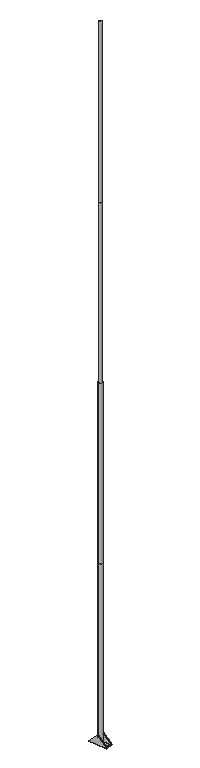
Revit family "FA_МолниеотводТелескопическийКомплектДляКрыши_СМТПк_EZETEK", category Системы пожарной сигнализации, Revit 2017
Family settings
  Сохранять ориентацию аннотаций = Нет
  Размер круглого соединителя = Использовать радиус
  Тип детали = Нормальный
  На основе рабочей плоскости = Нет
  Всегда вертикально = Да
  При загрузке вырезать с полостями = Нет
  Общий = Да
  Точка расчета площади = Нет
Parameters (values of type "МолниеотводТелескопическийКомплектДляКрыши_СМТПк-8/4/2_93119")
  Угол = 90.00°  # constant formula
  Секция_Высота = ADSK_Размер_Высота / Количество секций  # 2000 mm
  Секция 9 = no
  Секция 8 = no
  Секция 7 = no
  Секция 6 = no
  Секция 5 = no
  Секция 4 = yes
  Секция 3 = yes
  Секция 2 = yes
  Производитель_Контакты = "ezetek@ezetek.ru"  # constant formula
  Описание = "Молниеотвод стержневой телескопический, комплект для крыши серии СМТПк состоит из мачты секционной телескопической, дополненной комплектом растяжек и подпятником для твердых поверхностей. Мачта состоит из раздвижных секций. На верхней секции расположен молниеприемник 0,5м. Секции мачты выполнены на основе электросварных прямошовных труб, изготовленных из стали с защитным порошковым покрытием. Мачта монтируется как на плоской, так и на скатной поверхности."  # constant formula
  Количество секций = 4
  Использовать масштаб аннотаций [instance] = 1 = 0  # 0
  Изготовитель = "Ezetek"  # constant formula
  Диаметр_9 секция = 32 mm
  Диаметр_8 секция = 32 mm
  Диаметр_7 секция = 32 mm
  Диаметр_6 секция = 32 mm
  Диаметр_5 секция = 5 mm
  Диаметр_4 секция = 32 mm
  Диаметр_3 секция = 38.4 mm
  Диаметр_2 секция = 44.7 mm
  Диаметр_1 секция = 51 mm
  URL = "https://ezetek.ru/"
  ADSK_Этаж [instance] = ""
  ADSK_Размер_Высота = 8000 mm
  ADSK_Примечание [instance] = ""
  ADSK_Позиция [instance] = ""
  ADSK_Обозначение = "93119"
  ADSK_Наименование краткое [instance] = "Молниеотвод"
  ADSK_Наименование = "Молниеотвод СМТПк-8/4/2"
  ADSK_Материал = BIMLIB_Сталь_Нержавеющая_EZETEK
  ADSK_Масса_Текст = "25.0"
  ADSK_Масса = 25
  ADSK_Марка = "93119"
  ADSK_Количество = 1  # constant formula
  ADSK_Код изделия = "93119"
  ADSK_Завод-изготовитель = "Ezetek"  # constant formula
  ADSK_Единица измерения = "шт."  # constant formula
  ADSK_Группирование [instance] = ""
  ADSK_Версия Revit = "2017"  # constant formula
Types (7, lengths in mm): name | Секция_Высота | Секция 9 | Секция 8 | Секция 7 | Секция 6 | Секция 5 | Секция 4 | Количество секций | Диаметр_8 секция | Диаметр_7 секция | Диаметр_6 секция | Диаметр_5 секция | Диаметр_4 секция | Диаметр_3 секция | Диаметр_2 секция | Диаметр_1 секция | ADSK_Размер_Высота | ADSK_Обозначение | ADSK_Наименование | ADSK_Масса_Текст | ADSK_Масса | ADSK_Марка | ADSK_Код изделия
  МолниеотводТелескопическийКомплектДляКрыши_СМТПк-6.25/3/1_93118 | 2066.667 | no | no | no | no | no | no | 3 | 32 | 32 | 32 | 5 | 5 | 32 | 38.5 | 45 | 6200 | "93118" | "Молниеотвод СМТПк-6.25/3/1" | "18.0" | 18 | "93118" | "93118"
  МолниеотводТелескопическийКомплектДляКрыши_СМТПк-8/4/2_93119 | 2000 | no | no | no | no | no | yes | 4 | 32 | 32 | 32 | 5 | 32 | 38.4 | 44.7 | 51 | 8000 | "93119" | "Молниеотвод СМТПк-8/4/2" | "25.0" | 25 | "93119" | "93119"
  МолниеотводТелескопическийКомплектДляКрыши_СМТПк-10/5/2_93120 | 2000 | no | no | no | no | yes | yes | 5 | 32 | 32 | 32 | 32 | 38.3 | 44.5 | 50.8 | 57 | 10000 | "93120" | "Молниеотвод СМТПк-8/4/2" | "30.0" | 30 | "93120" | "93120"
  МолниеотводТелескопическийКомплектДляКрыши_СМТПк-11.75/6/3_93121 | 1950 | no | no | no | yes | yes | yes | 6 | 32 | 32 | 32 | 38.2 | 44.4 | 50.6 | 56.8 | 63 | 11700 | "93121" | "Молниеотвод СМТПк-11.75/6/3" | "40.0" | 40 | "93121" | "93121"
  МолниеотводТелескопическийКомплектДляКрыши_СМТПк-13.5/7/3_93122 | 1942.857 | no | no | yes | yes | yes | yes | 7 | 32 | 32 | 38.5 | 44.8 | 51.1 | 57.4 | 63.7 | 70 | 13600 | "93122" | "Молниеотвод СМТПк-13.5/7/3" | "45.0" | 45 | "93122" | "93122"
  МолниеотводТелескопическийКомплектДляКрыши_СМТПк-15.5/8/4_93123 | 1925 | no | yes | yes | yes | yes | yes | 8 | 32 | 38.2 | 44.5 | 50.8 | 57.1 | 63.4 | 69.7 | 76 | 15400 | "93123" | "Молниеотвод СМТПк-15.5/8/4" | "60.0" | 60 | "93123" | "93123"
  МолниеотводТелескопическийКомплектДляКрыши_СМТПк-25_93139 | 2777.778 | yes | yes | yes | yes | yes | yes | 9 | 37.9 | 44.2 | 50.5 | 56.8 | 63.1 | 69.4 | 75.7 | 82 | 25000 | "93139" | "Молниеотвод СМТПк-25" | "92.0" | 92 | "93139" | "93139"
Reference planes
  plane 1 "По центру (Вперед/Назад)": y = 0
  plane 2: z = 0
  plane 3 "По центру (Влево/Вправо)": x = 0
  plane 4: z = 2000
  plane 5: z = 4000
  plane 6: z = 6000
  plane 7: z = 8000
  plane 8: z = 10000
  plane 9: z = 12000
  plane 10: z = 14000
  plane 11: z = 16000
  plane 12: z = 18000
Forms (mm)
  Extrusion 1, solid, material "BIMLIB_Сталь_Нержавеющая_EZETEK" <- "ADSK_Материал", detail levels medium+fine
    sketch origin (0, 92.681, -35) x (0, 1, 0) y (-1, 0, 0)
      loop
        circle (-92.681, 0) r 25.5
    from 2035 to 35
  Extrusion 2, solid, material "BIMLIB_Сталь_Нержавеющая_EZETEK" <- "ADSK_Материал", visible <- "Секция 2", detail levels medium+fine
    sketch origin (0, 92.681, -35) x (0, 1, 0) y (-1, 0, 0)
      loop
        circle (-92.681, 0) r 22.35
    from 4035 to 2035
  Extrusion 3, solid, material "BIMLIB_Сталь_Нержавеющая_EZETEK" <- "ADSK_Материал", visible <- "Секция 3", detail levels medium+fine
    sketch origin (0, 92.681, -35) x (0, 1, 0) y (-1, 0, 0)
      loop
        circle (-92.681, 0) r 19.2
    from 6035 to 4035
  Extrusion 4, solid, material "BIMLIB_Сталь_Нержавеющая_EZETEK" <- "ADSK_Материал", visible <- "Секция 4", detail levels medium+fine
    sketch origin (0, 92.681, -35) x (0, 1, 0) y (-1, 0, 0)
      loop
        circle (-92.681, 0) r 16
    from 8035 to 6035
  Extrusion 5, solid, material "BIMLIB_Сталь_Нержавеющая_EZETEK" <- "ADSK_Материал", visible <- "Секция 5", detail levels medium+fine
    sketch origin (0, 92.681, 1965) x (0, 1, 0) y (-1, 0, 0)
      loop
        circle (-92.681, 0) r 2.5
    from 8035 to 6035
  Extrusion 6, solid, material "BIMLIB_Сталь_Нержавеющая_EZETEK" <- "ADSK_Материал", visible <- "Секция 6", detail levels medium+fine
    sketch origin (0, 92.681, 3915) x (0, 1, 0) y (-1, 0, 0)
      loop
        circle (-92.681, 0) r 16
    from 8085 to 6085
  Extrusion 7, solid, material "BIMLIB_Сталь_Нержавеющая_EZETEK" <- "ADSK_Материал", visible <- "Секция 7", detail levels medium+fine
    sketch origin (0, 92.681, 5915) x (0, 1, 0) y (-1, 0, 0)
      loop
        circle (-92.681, 0) r 16
    from 8085 to 6085
  Extrusion 8, solid, material "BIMLIB_Сталь_Нержавеющая_EZETEK" <- "ADSK_Материал", visible <- "Секция 8", detail levels medium+fine
    sketch origin (0, 92.681, 7840) x (0, 1, 0) y (-1, 0, 0)
      loop
        circle (-92.681, 0) r 16
    from 8160 to 6160
  Extrusion 9, solid, material "BIMLIB_Сталь_Нержавеющая_EZETEK" <- "ADSK_Материал", visible <- "Секция 9", detail levels medium+fine
    sketch origin (0, 92.681, 10617.778) x (0, 1, 0) y (-1, 0, 0)
      loop
        circle (-92.681, 0) r 16
    from 7382.222 to 5382.222
Lines and regions (mm)
  reference lines
    curve 1: circle (0, 0, 0) r 25.5 normal (0, 0, 1)
    curve 2: circle (0, 0, 0) r 16 normal (0, 0, 1)
    curve 3: circle (0, 0, 0) r 22.35 normal (0, 0, 1)
    curve 4: circle (0, 0, 0) r 19.2 normal (0, 0, 1)
Dimensions and locks
  "Секция_Высота": plane 4 to plane 2
  "Секция_Высота": plane 5 to plane 4
  "Секция_Высота": plane 6 to plane 5
  "Секция_Высота": plane 7 to plane 6
  plane 6 to plane 2 = 6000 mm
  plane 7 to plane 2 = 8000 mm
  plane 5 to plane 2 = 4000 mm
  "Секция_Высота": plane 8 to plane 7
  "Секция_Высота": plane 9 to plane 8
  "Секция_Высота": plane 10 to plane 9
  "Секция_Высота": plane 11 to plane 10
  "Секция_Высота": plane 12 to plane 11
  plane 8 to plane 2 = 10000 mm
  plane 9 to plane 2 = 12000 mm
  plane 10 to plane 2 = 14000 mm
  plane 11 to plane 2 = 16000 mm
  plane 12 to plane 2 = 18000 mm
  "Диаметр_4 секция": diameter of curve 2
  "Диаметр_3 секция": diameter of curve 4
  "Диаметр_2 секция": diameter of curve 3
  "Диаметр_1 секция": diameter of curve 1
  "Диаметр_5 секция": diameter of Extrusion 5 sketch curve
  "Диаметр_6 секция": diameter of Extrusion 6 sketch curve
  "Диаметр_7 секция": diameter of Extrusion 7 sketch curve
  "Диаметр_8 секция": diameter of Extrusion 8 sketch curve
  "Диаметр_9 секция": diameter of Extrusion 9 sketch curve
  aligned and locked: level to plane 2
  aligned and locked: plane 3 "По центру (Влево/Вправо)" to curve 1
  aligned and locked: plane 1 "По центру (Вперед/Назад)" to curve 1
  aligned and locked: plane 3 "По центру (Влево/Вправо)" to curve 3
  aligned and locked: plane 1 "По центру (Вперед/Назад)" to curve 3
  aligned and locked: plane 3 "По центру (Влево/Вправо)" to curve 4
  aligned and locked: plane 1 "По центру (Вперед/Назад)" to curve 4
  aligned and locked: plane 3 "По центру (Влево/Вправо)" to curve 2
  aligned and locked: plane 1 "По центру (Вперед/Назад)" to curve 2
  aligned and locked: Extrusion 1 sketch curve to curve 1
  aligned and locked: Extrusion 1 to plane 4
  aligned and locked: Extrusion 1 to plane 2
  aligned and locked: Extrusion 2 sketch curve to curve 3
  aligned and locked: Extrusion 2 to plane 5
  aligned and locked: plane 4 to Extrusion 2
  aligned and locked: Extrusion 3 sketch curve to curve 4
  aligned and locked: Extrusion 3 to plane 6
  aligned and locked: plane 5 to Extrusion 3
  aligned and locked: plane 6 to Extrusion 4
  aligned and locked: Extrusion 4 to plane 7
  aligned and locked: Extrusion 4 sketch curve to curve 2
  aligned and locked: plane 7 to Extrusion 5
  aligned and locked: Extrusion 5 to plane 8
  aligned and locked: plane 8 to Extrusion 6
  aligned and locked: Extrusion 6 to plane 9
  aligned and locked: plane 9 to Extrusion 7
  aligned and locked: Extrusion 7 to plane 10
  aligned and locked: Extrusion 8 to plane 11
  aligned and locked: plane 10 to Extrusion 8
  aligned and locked: Extrusion 9 to plane 12
  aligned and locked: plane 11 to Extrusion 9
  aligned and locked: plane 3 "По центру (Влево/Вправо)" to nested 1
  aligned and locked: plane 1 "По центру (Вперед/Назад)" to nested 1
Automatic sketch dimensions
  plane 1 "По центру (Вперед/Назад)" to Extrusion 5 sketch curve = 0 mm
  Extrusion 5 sketch curve to plane 3 "По центру (Влево/Вправо)" = 0 mm
  plane 1 "По центру (Вперед/Назад)" to Extrusion 6 sketch curve = 0 mm
  Extrusion 6 sketch curve to plane 3 "По центру (Влево/Вправо)" = 0 mm
  plane 1 "По центру (Вперед/Назад)" to Extrusion 7 sketch curve = 0 mm
  Extrusion 7 sketch curve to plane 3 "По центру (Влево/Вправо)" = 0 mm
  plane 1 "По центру (Вперед/Назад)" to Extrusion 8 sketch curve = 0 mm
  Extrusion 8 sketch curve to plane 3 "По центру (Влево/Вправо)" = 0 mm
  plane 1 "По центру (Вперед/Назад)" to Extrusion 9 sketch curve = 0 mm
  Extrusion 9 sketch curve to plane 3 "По центру (Влево/Вправо)" = 0 mm
Nested families
  nested 1: "NOSHD_FA_ПодпятникКоробчатогоТипаДляМачты_88051_EZETEK" at (0, 0, 0), ADSK_Группирование <- "ADSK_Группирование", ADSK_Этаж <- "ADSK_Этаж", type "ПодпятникКоробчатогоТипаДляМачты_88051", detail levels medium+fine
    with Использовать масштаб аннотаций 0, ADSK_Этаж "", ADSK_Примечание "", ADSK_Позиция "", ADSK_Наименование краткое "Подпятник коробчатого типа для мачты", ADSK_Группирование ""
Definition of nested family "NOSHD_FA_ПодпятникКоробчатогоТипаДляМачты_88051_EZETEK"
  Parameters (values of type "ПодпятникКоробчатогоТипаДляМачты_EZETEK")
    Угол = 90.00°  # constant formula
    Производитель_Контакты = "ezetek@ezetek.ru"  # constant formula
    Description = "Подпятник входит в состав комплекта растяжек\r\nдля мачты телескопической. Изделие закрепляет\r\nмолниеприемную либо телескопическую мачту\r\nна твердой поверхности (бетонная поверхность,\r\nдеревянные конструкции и т.д.).\r\nДополнительно, подпятник коробчатого типа позволяет\r\nзакрепить указанные мачты на верху скатной кровли. Для этого подпятник коробчатого типа для мачты закрепляется на скате кровли как можно ближе к коньку."  # constant formula
    Использовать масштаб аннотаций [instance] = 1 = 0  # 0
    Manufacturer = "Ezetek"  # constant formula
    URL = "https://ezetek.ru/"
    ADSK_Этаж [instance] = ""
    ADSK_Примечание [instance] = ""
    ADSK_Позиция [instance] = ""
    ADSK_Обозначение = "88051"
    ADSK_Наименование краткое [instance] = "Подпятник коробчатого типа для мачты"
    ADSK_Наименование = "Подпятник коробчатого типа для мачты"
    ADSK_Материал = none
    ADSK_Масса_Текст = "0.50"  # constant formula
    ADSK_Масса = 0.5  # constant formula
    ADSK_Марка = "88051"
    ADSK_Количество = 1  # constant formula
    ADSK_Код изделия = "88051"
    ADSK_Завод-изготовитель = "Ezetek"  # constant formula
    ADSK_Единица измерения = "шт."  # constant formula
    ADSK_Группирование [instance] = ""
    ADSK_Версия Revit = "2017"  # constant formula
  Reference planes
    plane 1 "По центру (Вперед/Назад)": y = 0
    plane 2: z = 0
    plane 3 "По центру (Влево/Вправо)": x = 0
    plane 4: z = 110
    plane 5: x = -113.044
    plane 6: x = 113.044
    plane 7: y = 36.875
    plane 8: y = -36.875
    plane 9: y = -39.875
    plane 10: y = 39.875
    plane 11: z = 3
    plane 12: z = 115
    plane 13: x = -97.246
    plane 14: x = 97.246
  Forms (mm)
    Extrusion 1, solid, material <- "ADSK_Материал", detail levels fine
      sketch origin (0, 0, 0) x (0, 1, 0) y (0, 0, 1)
        loop
          line (-39.875, 115) -> (-39.875, 0) -> (39.875, 0) -> (39.875, 115) -> (36.875, 115) -> (36.875, 3) -> (-36.875, 3) -> (-36.875, 115) -> (-39.875, 115)
      from 113.044 to -113.044
    Extrusion 2, void
      sketch origin (0, 0, 0) x (1, 0, 0) y (0, 1, 0)
        loop
          circle (-97.246, 0) r 4
        loop
          circle (97.246, 0) r 4
      from 11.419 to -7.921
    Extrusion 3, void
      sketch origin (0, 0, 0) x (1, 0, 0) y (0, 0, 1)
        loop
          line (-113.044, 3) -> (-1.789, 114.255)
          arc (-1.789, 114.255) -> (0, 114.996) -> (1.789, 114.255) r 2.53
          line (1.789, 114.255) -> (113.044, 3) -> (113.044, 125) -> (-113.044, 125) -> (-113.044, 3)
        loop
          circle (0, 89) r 4
      from 39.875 to -39.875
  Cuts and joins
    Extrusion 2, Extrusion 3 cuts Extrusion 1
  Dimensions and locks
    locked: plane 4 to plane 2 at 110
    equal spacing: plane 5, plane 3 "По центру (Влево/Вправо)", plane 6
    locked: plane 5 to plane 6 at 226.088
    equal spacing: plane 7, plane 1 "По центру (Вперед/Назад)", plane 8
    locked: plane 7 to plane 8 at 73.75
    locked: plane 7 to plane 10 at 3
    locked: plane 8 to plane 9 at 3
    locked: plane 12 to plane 4 at 5
    locked: plane 11 to plane 2 at 3
    equal spacing: plane 13, plane 3 "По центру (Влево/Вправо)", plane 14
    locked: plane 13 to plane 14 at 194.492
    aligned and locked: level to plane 2
    aligned and locked: Extrusion 1 sketch curve to plane 9
    aligned and locked: Extrusion 1 sketch curve to plane 8
    aligned and locked: Extrusion 1 sketch curve to plane 7
    aligned and locked: plane 10 to Extrusion 1 sketch curve
    aligned and locked: Extrusion 1 sketch curve to plane 11
    aligned and locked: Extrusion 1 sketch curve to plane 2
    aligned and locked: Extrusion 1 sketch curve to plane 12  (x2)
    aligned and locked: Extrusion 1 to plane 6
    aligned and locked: Extrusion 1 to plane 5
    aligned and locked: Extrusion 3 to plane 9
    aligned and locked: Extrusion 3 to plane 10
  Automatic sketch dimensions
    plane 1 "По центру (Вперед/Назад)" to Extrusion 2 sketch curve = 0 mm  (x2)
    Extrusion 2 sketch curve to plane 13 = 0 mm
    Extrusion 2 sketch curve to plane 14 = 0 mm
    Extrusion 3 sketch curve to plane 5 = 0 mm
    Extrusion 3 sketch curve to plane 3 "По центру (Влево/Вправо)" = 0 mm  (x2)
    plane 6 to Extrusion 3 sketch curve = 0 mm
    Extrusion 3 sketch curve to plane 11 = 0 mm  (x2)
    plane 12 to Extrusion 3 sketch curve = 0.745 mm  (x2)
    Extrusion 3 sketch curve to plane 3 "По центру (Влево/Вправо)" = 1.789 mm
    Extrusion 3 sketch curve to plane 4 = 2.467 mm
    Extrusion 3 sketch curve to plane 12 = 10 mm
    plane 4 to Extrusion 3 sketch curve = 21 mm
    radius of Extrusion 2 sketch curve = 4 mm  (x2)
    radius of Extrusion 3 sketch curve = 4 mm
